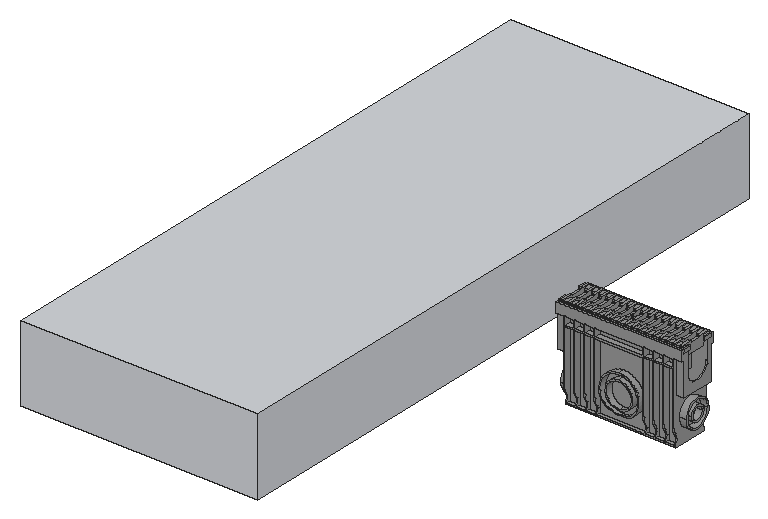
Revit family "PLASTIC SAND TRAP BASE DN100 with a high board", category Оборудование, Revit 2019
Family settings
  Основа = Грань
  Размер круглого соединителя = Использовать диаметр
  Тип детали = Нормальный
  При загрузке вырезать с полостями = Нет
  Общий = Да
  Точка расчета площади = Нет
Parameters (values of type "8081")
  fastening [instance] = or(Drainage Grating = A03, Drainage Grating = A04, Drainage Grating = A05)  # no
  Drainage Grating [instance] = plastic mesh : 208011
  Choise fastening [instance] = Choice of fastening : 6100-35
  no = No : ні
  lattice [instance] = if(Drainage Grating = A01, G01, if(Drainage Grating = A02, G02, if(Drainage Grating = A03, G03, if(Drainage Grating = A04, G04, if(Drainage Grating = A05, G05, no)))))  # Plastic grate Base DN100 mesh : 208011
  G05 = Plastic grate Base DN100 mesh ADA : 208032
  G04 = Plastic grate Base DN100 mesh ADA : 208022
  G03 = Plastic grate Base DN100 mesh ADA : 208012
  G02 = Plastic grate Base DN100 mesh : 208021
  G01 = Plastic grate Base DN100 mesh : 208011
  Fr3 = Fastening : 6800-35
  Fr2 = Fastening : 6200-35
  Fr1 = Fastening : 6100-35
  Fr [instance] = if(Choise fastening = Fa1, Fr1, if(Choise fastening = Fa2, Fr2, Fr3))  # Fastening : 6100-35
  Fa2 = Choice of fastening : 6200-35
  Fa1 = Choice of fastening : 6100-35
  Dp50 = Dp : 50
  ConnectorFront = TC : Front
  ConnectorRight = TC : Right
  ConnectorLeft = TC : Left
  ConnectorBack = TC : Back
  Connection [instance] = TC : Back
  Channel = Plastic sand trap Base DN100 high board : 8081
  Connector angle [instance] = if(Connection = ConnectorLeft, 90.00°, if(Connection = ConnectorRight, 270.00°, if(Connection = ConnectorFront, 180.00°, if(Connection = ConnectorBack, 0.00°, 0.00°))))  # 0.00°
  Tray sinking [instance] = 20 mm  # constant formula
  Cap right [instance] = no
  Cap left [instance] = no
  Pipe diameter [instance] = Dp : 110
  Группа модели = "Linear drainage"  # constant formula
  L_line [instance] = if(or(Connection = ConnectorRight, Connection = ConnectorLeft), 78 mm, 250 mm)  # 250 mm
  H_Connector [instance] = if(or(Connection = ConnectorRight, Connection = ConnectorLeft), 250 mm, if(Connection = ConnectorFront, 249.5 mm, if(Connection = ConnectorBack, 282 mm, 0 mm)))  # 282 mm
  Dp160 = Dp : 160
  Dp110 = Dp : 110
  Dp [instance] = if(and(Pipe diameter = Dp160, or(Connection = ConnectorLeft, Connection = ConnectorRight)), 160 mm, if(and(or(Pipe diameter = Dp110, Pipe diameter = Dp50), or(Connection = ConnectorLeft, Connection = ConnectorRight)), 110 mm, if(and(Pipe diameter = Dp50, or(Connection = ConnectorBack, Connection = ConnectorFront)), 50 mm, 110 mm)))  # 110 mm
  CutUp [instance] = ADSK_Dimension_Height + Tray sinking  # 385 mm
  CutDown [instance] = -CutUp  # -385 mm
  Default Elevation = 0 mm
  W2 = 156 mm  # constant formula
  W1 = 160 mm  # constant formula
  Basket [instance] = yes
  ADSK_Weight = 2.6
  ADSK_Unit = "pcs"  # constant formula
  ADSK_Sealant = 11
  ADSK_Product code = "8081"
  ADSK_Position [instance] = ""
  ADSK_Name = "Plastic sand trap Base DN100 H350 with a high board"
  ADSK_Material_Name = "Plastic"  # constant formula
  ADSK_Manufacturer = "Vodaland"  # constant formula
  ADSK_Load class = "C250"
  ADSK_Dimension_Width = 156 mm  # constant formula
  ADSK_Dimension_Lenght = 500 mm
  ADSK_Dimension_Height = 365 mm
  ADSK_Dimension_Diameter = 100 mm  # constant formula
  ADSK_Annotation [instance] = ""
  A05 = plastic mesh ADA : 208032
  A04 = plastic mesh ADA : 208022
  A03 = plastic mesh ADA : 208012
  A02 = plastic mesh : 208021
  A01 = plastic mesh : 208011
Reference planes
  plane 1 "По центру (Вперед/Назад)": y = 0
  plane 2: z = 0
  plane 3 "По центру (Влево/Вправо)": x = 0
  plane 4: x = 500
  plane 5: y = 78
  plane 6: y = -78
  plane 7: x = 250
  plane 8: z = -20
  plane 9 "Down": z = -385
  plane 10 "middle": z = -302
Forms (mm)
  Extrusion 1, solid
    sketch origin (0, 0, 0) x (1, 0, 0) y (0, 1, 0)
      loop
        line (-1219.2, 1219.2) -> (-1219.2, -1219.2) -> (-273.066, -1219.2) -> (-273.066, 1219.2) -> (-1219.2, 1219.2)
    from 0 to -304.8
  Extrusion 2, void
    sketch origin (0, 0, 0) x (1, 0, 0) y (0, 1, 0)
      loop
        line (0, 78) -> (0, -78) -> (500, -78) -> (500, 78) -> (0, 78)
    from 0 to -385 <- "CutDown"
Lines and regions (mm)
  reference lines
    curve 1: line (0, 0, -302) -> (250, 0, -302)
Dimensions and locks
  equal spacing: plane 5, plane 1 "По центру (Вперед/Назад)", plane 6
  "ADSK_Dimension_Width": plane 5 to plane 6
  "ADSK_Dimension_Lenght": plane 3 "По центру (Влево/Вправо)" to plane 4
  equal spacing: plane 3 "По центру (Влево/Вправо)", plane 7, plane 4
  plane 7 to plane 4 = 250 mm
  plane 3 "По центру (Влево/Вправо)" to plane 7 = 250 mm
  "Tray sinking": plane 2 to plane 8
  "CutUp": plane 2 to plane 9 "Down"
  "L_line": curve 1 to curve 1
  "H_Connector": plane 8 to plane 10 "middle"
  "Connector angle": angle plane 1 "По центру (Вперед/Назад)" to curve 1
  aligned and locked: plane 2 to Extrusion 1
  aligned and locked: level to Extrusion 1
  aligned and locked: Extrusion 2 sketch curve to plane 5
  aligned and locked: plane 6 to Extrusion 2 sketch curve
  aligned and locked: plane 7 to curve 1
  aligned and locked: nested 1 to curve 1
  aligned and locked: plane 7 to nested 6
  aligned and locked: plane 1 "По центру (Вперед/Назад)" to nested 6
Automatic sketch dimensions
  Extrusion 1 sketch curve to Extrusion 1 sketch curve = 946.134 mm
  Extrusion 1 sketch curve to Extrusion 1 sketch curve = 2438.4 mm
  Extrusion 2 sketch curve to plane 3 "По центру (Влево/Вправо)" = 0 mm
  Extrusion 2 sketch curve to plane 4 = 0 mm
  plane 1 "По центру (Вперед/Назад)" to curve 1 = 0 mm
Nested families
  nested 1: "Plastic grate Base DN100 mesh" at (250, 0, 0), type <- "lattice", type "208011"
  nested 2: "Plastic sand trap Base DN100 high board" at (250, 0, -5), type <- "Channel", type "8081"
  nested 3: "Sealant" at (-40, 540, 0), Sealant <- "ADSK_Sealant", type "Sealant"
    with Sealant 11, ADSK_Sealant 0
  nested 4: "Plastic end cap-adapter floating DN100" at (505, 0, 21) x (-1, 0, 0) z (0, 0, 1), visible <- "Cap right", type "68018"
  nested 5: "Plastic end cap-adapter floating DN100" at (-5, 0, 21), visible <- "Cap left", type "68018"
  nested 6: "Fastening" at (250, 0, 0), type <- "Fr", visible <- "fastening", type "6100-35"
  nested 7: "Basket DN100" at (250, 0, 0), visible <- "Basket", type "68091"
    with ADSK_Position "", ADSK_Annotation ""
Connectors
  piping at (0, 0, -302), diameter 110, driven by "Dp"
    settings: on curve 1, index 1, connector inside diameter 609.6 mm, connector length 0 mm, flow factor 0, pipe flow 0.0 L/s, pressure drop 0.0 Pa, fitting loss kfactor 0, connector angle 0.00°, fixture units 0, engagement length 0 mm, angle of deflection 0.00°, flow configuration 0, flow direction 2, fitting loss method 0, system type 7, joint type 0, gender type 0, connector reference index -1, connector utility 0, adjustable connector no, is connector primary yes, connector description ""
Definition of nested family "Plastic grate Base DN100 mesh"
  Parameters (values of type "208011")
    Видимість решітки праворуч [instance] = yes
    Видимість решітки ліворуч [instance] = yes
    np [instance] = 0 mm
    nm [instance] = 0 mm
    kp [instance] = 0 mm
    km [instance] = 0 mm
    W2 = 73.083 mm
    W1 [instance] = 140 mm
    Model = "Linear drainage"  # constant formula
    Material = none
    L2 = 1000 mm  # constant formula
    L1 = 500 mm  # constant formula
    ADSK_Weight = 0.77
    ADSK_Unit = "pcs"  # constant formula
    ADSK_Product code = "208011"
    ADSK_Position [instance] = ""
    ADSK_Name = "Plastic grate Base DN100 mesh A15 high board"
    ADSK_Material_Name = "Plastic"  # constant formula
    ADSK_Manufacturer = "Vodaland"  # constant formula
    ADSK_Load class = "A15"
    ADSK_Dimension_Width = 133 mm  # constant formula
    ADSK_Dimension_Lenght = 498 mm  # constant formula
    ADSK_Annotation [instance] = ""
  Types (2, lengths in mm): name | ADSK_Weight | ADSK_Product code | ADSK_Name | ADSK_Load class
    208011 | 0.77 | "208011" | "Plastic grate Base DN100 mesh A15 high board" | "A15"
    208021 | 0.78 | "208021" | "Plastic grate Base DN100 mesh B125 high board" | "B125"
  Reference planes
    plane 1 "По центру (Вперед/Назад)": y = 0
    plane 2: z = 0
    plane 3 "По центру (Влево/Вправо)": x = 0
    plane 4: y = -66.5
    plane 5: y = 66.5
    plane 6: y = -36.541
    plane 7: y = 36.541
    plane 8: z = -5
    plane 9: z = -38.9
    plane 10: x = -250
    plane 11: x = 250
    plane 12: x = -500
    plane 13: x = 500
    plane 14: x = -250
    plane 15: x = -250
    plane 16: x = 250
    plane 17: x = 250
    plane 18: y = -70
    plane 19: y = 70
  Forms (mm)
    Extrusion 1, solid, material <- "Material", visible <- "Видимість решітки ліворуч", detail levels medium+fine
      sketch origin (0, 0, 0) x (1, 0, 0) y (0, 1, 0)
        loop
          line (-250, 66.5) -> (-250, 36.541) -> (250, 36.541) -> (250, 66.5) -> (-250, 66.5)
      from -5 to 0
    Extrusion 2, solid, material <- "Material", visible <- "Видимість решітки ліворуч", detail levels medium+fine
      sketch origin (0, 0, 0) x (1, 0, 0) y (0, 1, 0)
        loop
          line (-250, -66.5) -> (250, -66.5) -> (250, -36.541) -> (-250, -36.541) -> (-250, -66.5)
      from -5 to 0
    Extrusion 3, solid, material <- "Material", visible <- "Видимість решітки ліворуч", detail levels medium+fine
      sketch origin (-454.062, 0, 0) x (0, 1, 0) y (0, 0, 1)
        loop
          line (-43.386, -19.5) -> (-36.174, -38.9) -> (36.174, -38.9) -> (43.386, -19.5) -> (43.386, 0) -> (66.5, 0) -> (66.5, 2) -> (23.386, 2) -> (23.386, -2.111) -> (-23.386, -2.111) -> (-23.386, 2) -> (-66.5, 2) -> (-66.5, 0) -> (-43.386, 0) -> (-43.386, -19.5)
      from 212.839 to 222.856
    Extrusion 4, solid, material <- "Material", visible <- "Видимість решітки ліворуч", detail levels medium+fine
      sketch origin (-426.273, 0, 0) x (0, 1, 0) y (0, 0, 1)
        loop
          line (-43.386, -19.5) -> (-36.174, -38.9) -> (36.174, -38.9) -> (43.386, -19.5) -> (43.386, 0) -> (66.5, 0) -> (66.5, 2) -> (23.386, 2) -> (23.386, -2.111) -> (-23.386, -2.111) -> (-23.386, 2) -> (-66.5, 2) -> (-66.5, 0) -> (-43.386, 0) -> (-43.386, -19.5)
      from 212.839 to 222.856
    Extrusion 5, solid, material <- "Material", visible <- "Видимість решітки ліворуч", detail levels medium+fine
      sketch origin (-398.483, 0, 0) x (0, 1, 0) y (0, 0, 1)
        loop
          line (-43.386, -19.5) -> (-36.174, -38.9) -> (36.174, -38.9) -> (43.386, -19.5) -> (43.386, 0) -> (66.5, 0) -> (66.5, 2) -> (23.386, 2) -> (23.386, -2.111) -> (-23.386, -2.111) -> (-23.386, 2) -> (-66.5, 2) -> (-66.5, 0) -> (-43.386, 0) -> (-43.386, -19.5)
      from 212.839 to 222.856
    Extrusion 6, solid, material <- "Material", visible <- "Видимість решітки ліворуч", detail levels medium+fine
      sketch origin (-370.693, 0, 0) x (0, 1, 0) y (0, 0, 1)
        loop
          line (-43.386, -19.5) -> (-36.174, -38.9) -> (36.174, -38.9) -> (43.386, -19.5) -> (43.386, 0) -> (66.5, 0) -> (66.5, 2) -> (23.386, 2) -> (23.386, -2.111) -> (-23.386, -2.111) -> (-23.386, 2) -> (-66.5, 2) -> (-66.5, 0) -> (-43.386, 0) -> (-43.386, -19.5)
      from 212.839 to 222.856
    Extrusion 7, solid, material <- "Material", visible <- "Видимість решітки ліворуч", detail levels medium+fine
      sketch origin (-342.903, 0, 0) x (0, 1, 0) y (0, 0, 1)
        loop
          line (-43.386, -19.5) -> (-36.174, -38.9) -> (36.174, -38.9) -> (43.386, -19.5) -> (43.386, 0) -> (66.5, 0) -> (66.5, 2) -> (23.386, 2) -> (23.386, -2.111) -> (-23.386, -2.111) -> (-23.386, 2) -> (-66.5, 2) -> (-66.5, 0) -> (-43.386, 0) -> (-43.386, -19.5)
      from 212.839 to 222.856
    Extrusion 8, solid, material <- "Material", visible <- "Видимість решітки ліворуч", detail levels medium+fine
      sketch origin (-315.113, 0, 0) x (0, 1, 0) y (0, 0, 1)
        loop
          line (-43.386, -19.5) -> (-36.174, -38.9) -> (36.174, -38.9) -> (43.386, -19.5) -> (43.386, 0) -> (66.5, 0) -> (66.5, 2) -> (23.386, 2) -> (23.386, -2.111) -> (-23.386, -2.111) -> (-23.386, 2) -> (-66.5, 2) -> (-66.5, 0) -> (-43.386, 0) -> (-43.386, -19.5)
      from 212.839 to 222.856
    Extrusion 9, solid, material <- "Material", visible <- "Видимість решітки ліворуч", detail levels medium+fine
      sketch origin (-287.323, 0, 0) x (0, 1, 0) y (0, 0, 1)
        loop
          line (-43.386, -19.5) -> (-36.174, -38.9) -> (36.174, -38.9) -> (43.386, -19.5) -> (43.386, 0) -> (66.5, 0) -> (66.5, 2) -> (23.386, 2) -> (23.386, -2.111) -> (-23.386, -2.111) -> (-23.386, 2) -> (-66.5, 2) -> (-66.5, 0) -> (-43.386, 0) -> (-43.386, -19.5)
      from 212.839 to 222.856
    Extrusion 10, solid, material <- "Material", visible <- "Видимість решітки ліворуч", detail levels medium+fine
      sketch origin (-259.533, 0, 0) x (0, 1, 0) y (0, 0, 1)
        loop
          line (-43.386, -19.5) -> (-36.174, -38.9) -> (36.174, -38.9) -> (43.386, -19.5) -> (43.386, 0) -> (66.5, 0) -> (66.5, 2) -> (23.386, 2) -> (23.386, -2.111) -> (-23.386, -2.111) -> (-23.386, 2) -> (-66.5, 2) -> (-66.5, 0) -> (-43.386, 0) -> (-43.386, -19.5)
      from 212.839 to 222.856
    Extrusion 11, solid, material <- "Material", visible <- "Видимість решітки ліворуч", detail levels medium+fine
      sketch origin (-231.743, 0, 0) x (0, 1, 0) y (0, 0, 1)
        loop
          line (-43.386, -19.5) -> (-36.174, -38.9) -> (36.174, -38.9) -> (43.386, -19.5) -> (43.386, 0) -> (66.5, 0) -> (66.5, 2) -> (23.386, 2) -> (23.386, -2.111) -> (-23.386, -2.111) -> (-23.386, 2) -> (-66.5, 2) -> (-66.5, 0) -> (-43.386, 0) -> (-43.386, -19.5)
      from 212.839 to 222.856
    Extrusion 12, solid, material <- "Material", visible <- "Видимість решітки ліворуч", detail levels medium+fine
      sketch origin (-203.953, 0, 0) x (0, 1, 0) y (0, 0, 1)
        loop
          line (-43.386, -19.5) -> (-36.174, -38.9) -> (36.174, -38.9) -> (43.386, -19.5) -> (43.386, 0) -> (66.5, 0) -> (66.5, 2) -> (23.386, 2) -> (23.386, -2.111) -> (-23.386, -2.111) -> (-23.386, 2) -> (-66.5, 2) -> (-66.5, 0) -> (-43.386, 0) -> (-43.386, -19.5)
      from 212.839 to 222.856
    Extrusion 13, solid, material <- "Material", visible <- "Видимість решітки ліворуч", detail levels medium+fine
      sketch origin (-176.163, 0, 0) x (0, 1, 0) y (0, 0, 1)
        loop
          line (-43.386, -19.5) -> (-36.174, -38.9) -> (36.174, -38.9) -> (43.386, -19.5) -> (43.386, 0) -> (66.5, 0) -> (66.5, 2) -> (23.386, 2) -> (23.386, -2.111) -> (-23.386, -2.111) -> (-23.386, 2) -> (-66.5, 2) -> (-66.5, 0) -> (-43.386, 0) -> (-43.386, -19.5)
      from 212.839 to 222.856
    Extrusion 14, solid, material <- "Material", visible <- "Видимість решітки ліворуч", detail levels medium+fine
      sketch origin (-148.373, 0, 0) x (0, 1, 0) y (0, 0, 1)
        loop
          line (-43.386, -19.5) -> (-36.174, -38.9) -> (36.174, -38.9) -> (43.386, -19.5) -> (43.386, 0) -> (66.5, 0) -> (66.5, 2) -> (23.386, 2) -> (23.386, -2.111) -> (-23.386, -2.111) -> (-23.386, 2) -> (-66.5, 2) -> (-66.5, 0) -> (-43.386, 0) -> (-43.386, -19.5)
      from 212.839 to 222.856
    Extrusion 15, solid, material <- "Material", visible <- "Видимість решітки ліворуч", detail levels medium+fine
      sketch origin (-120.583, 0, 0) x (0, 1, 0) y (0, 0, 1)
        loop
          line (-43.386, -19.5) -> (-36.174, -38.9) -> (36.174, -38.9) -> (43.386, -19.5) -> (43.386, 0) -> (66.5, 0) -> (66.5, 2) -> (23.386, 2) -> (23.386, -2.111) -> (-23.386, -2.111) -> (-23.386, 2) -> (-66.5, 2) -> (-66.5, 0) -> (-43.386, 0) -> (-43.386, -19.5)
      from 212.839 to 222.856
    Extrusion 16, solid, material <- "Material", visible <- "Видимість решітки ліворуч", detail levels medium+fine
      sketch origin (-92.793, 0, 0) x (0, 1, 0) y (0, 0, 1)
        loop
          line (-43.386, -19.5) -> (-36.174, -38.9) -> (36.174, -38.9) -> (43.386, -19.5) -> (43.386, 0) -> (66.5, 0) -> (66.5, 2) -> (23.386, 2) -> (23.386, -2.111) -> (-23.386, -2.111) -> (-23.386, 2) -> (-66.5, 2) -> (-66.5, 0) -> (-43.386, 0) -> (-43.386, -19.5)
      from 212.839 to 222.856
    Extrusion 17, solid, material <- "Material", visible <- "Видимість решітки ліворуч", detail levels medium+fine
      sketch origin (-65.003, 0, 0) x (0, 1, 0) y (0, 0, 1)
        loop
          line (-43.386, -19.5) -> (-36.174, -38.9) -> (36.174, -38.9) -> (43.386, -19.5) -> (43.386, 0) -> (66.5, 0) -> (66.5, 2) -> (23.386, 2) -> (23.386, -2.111) -> (-23.386, -2.111) -> (-23.386, 2) -> (-66.5, 2) -> (-66.5, 0) -> (-43.386, 0) -> (-43.386, -19.5)
      from 212.839 to 222.856
    Extrusion 18, solid, material <- "Material", visible <- "Видимість решітки ліворуч", detail levels medium+fine
      sketch origin (-37.213, 0, 0) x (0, 1, 0) y (0, 0, 1)
        loop
          line (-43.386, -19.5) -> (-36.174, -38.9) -> (36.174, -38.9) -> (43.386, -19.5) -> (43.386, 0) -> (66.5, 0) -> (66.5, 2) -> (23.386, 2) -> (23.386, -2.111) -> (-23.386, -2.111) -> (-23.386, 2) -> (-66.5, 2) -> (-66.5, 0) -> (-43.386, 0) -> (-43.386, -19.5)
      from 212.839 to 222.856
    Extrusion 19, solid, material <- "Material", visible <- "Видимість решітки ліворуч", detail levels medium+fine
      sketch origin (-9.423, 0, 0) x (0, 1, 0) y (0, 0, 1)
        loop
          line (-43.386, -19.5) -> (-36.174, -38.9) -> (36.174, -38.9) -> (43.386, -19.5) -> (43.386, 0) -> (66.5, 0) -> (66.5, 2) -> (23.386, 2) -> (23.386, -2.111) -> (-23.386, -2.111) -> (-23.386, 2) -> (-66.5, 2) -> (-66.5, 0) -> (-43.386, 0) -> (-43.386, -19.5)
      from 212.839 to 222.856
    Extrusion 20, solid, material <- "Material", visible <- "Видимість решітки ліворуч", detail levels medium+fine
      sketch origin (18.367, 0, 0) x (0, 1, 0) y (0, 0, 1)
        loop
          line (-43.386, -19.5) -> (-36.174, -38.9) -> (36.174, -38.9) -> (43.386, -19.5) -> (43.386, 0) -> (66.5, 0) -> (66.5, 2) -> (23.386, 2) -> (23.386, -2.111) -> (-23.386, -2.111) -> (-23.386, 2) -> (-66.5, 2) -> (-66.5, 0) -> (-43.386, 0) -> (-43.386, -19.5)
      from 212.839 to 222.856
    Extrusion 21, solid, material <- "Material", visible <- "Видимість решітки ліворуч", detail levels medium+fine
      sketch origin (0, 0, 0) x (1, 0, 0) y (0, 1, 0)
        loop
          arc (-8.886, -18.446) -> (0, -20.475) -> (8.886, -18.446) r 20.475
          line (8.886, -18.446) -> (8.886, -7.221)
          arc (8.886, -7.221) -> (11.45, 0) -> (8.886, 7.221) r 11.45
          line (8.886, 7.221) -> (8.886, 18.446)
          arc (8.886, 18.446) -> (0, 20.475) -> (-8.886, 18.446) r 20.475
          line (-8.886, 18.446) -> (-8.886, 7.221)
          arc (-8.886, 7.221) -> (-11.45, 0) -> (-8.886, -7.221) r 11.45
          line (-8.886, -7.221) -> (-8.886, -18.446)
        loop
          circle (0, 0) r 7.51
      from -17.346 to -11.241
    Extrusion 22, void, detail levels medium+fine
      sketch origin (0, 0, 0) x (1, 0, 0) y (0, 1, 0)
        loop
          circle (0, 0) r 11.45
      from -11.241 to 2
    Extrusion 23, void, detail levels medium+fine
      sketch origin (0, 0, 0) x (1, 0, 0) y (0, 1, 0)
        loop
          line (-500, 70) -> (-500, -70) -> (-250, -70) -> (-250, 70) -> (-500, 70)
      from -62.865 to 37.508
    Extrusion 24, void, detail levels medium+fine
      sketch origin (0, 0, 0) x (1, 0, 0) y (0, 1, 0)
        loop
          line (500, 70) -> (250, 70) -> (250, -70) -> (500, -70) -> (500, 70)
      from -64.853 to 34.506
    Extrusion 25, solid, material <- "Material", detail levels medium+fine
      sketch origin (0, 0, 0) x (1, 0, 0) y (0, 1, 0)
        loop
          line (-250, 66.5) -> (-250, 36.541) -> (250, 36.541) -> (250, 66.5) -> (-250, 66.5)
        loop
          line (-250, -36.541) -> (-250, -66.5) -> (250, -66.5) -> (250, -36.541) -> (-250, -36.541)
      from -20 to -5
  Cuts and joins
    Extrusion 22, Extrusion 23, Extrusion 24 cuts Extrusion 11
    Extrusion 22, Extrusion 23, Extrusion 24 cuts Extrusion 12
    Extrusion 23, Extrusion 24 cuts Extrusion 21
    joined: Extrusion 11, Extrusion 12, Extrusion 21
    Extrusion 23, Extrusion 24 cuts Extrusion 1
    Extrusion 23, Extrusion 24 cuts Extrusion 2
    Extrusion 23, Extrusion 24 cuts Extrusion 3
    Extrusion 23, Extrusion 24 cuts Extrusion 4
    Extrusion 23, Extrusion 24 cuts Extrusion 5
    Extrusion 23, Extrusion 24 cuts Extrusion 6
    Extrusion 23, Extrusion 24 cuts Extrusion 7
    Extrusion 23, Extrusion 24 cuts Extrusion 8
    Extrusion 23, Extrusion 24 cuts Extrusion 9
    Extrusion 23, Extrusion 24 cuts Extrusion 10
    Extrusion 23, Extrusion 24 cuts Extrusion 13
    Extrusion 23, Extrusion 24 cuts Extrusion 14
    Extrusion 23, Extrusion 24 cuts Extrusion 15
    Extrusion 23, Extrusion 24 cuts Extrusion 16
    Extrusion 23, Extrusion 24 cuts Extrusion 17
    Extrusion 23, Extrusion 24 cuts Extrusion 18
    Extrusion 23, Extrusion 24 cuts Extrusion 19
    Extrusion 23, Extrusion 24 cuts Extrusion 20
    Extrusion 23, Extrusion 24 cuts Extrusion 25
  Lines and regions (mm)
    reference lines
      curve 1: line (250, -70, 0) -> (250, 70, 0)
      curve 2: line (-250, -70, 0) -> (-250, 70, 0)
  Dimensions and locks
    equal spacing: plane 5, plane 1 "По центру (Вперед/Назад)", plane 4
    "ADSK_Dimension_Width": plane 5 to plane 4
    equal spacing: plane 7, plane 1 "По центру (Вперед/Назад)", plane 6
    "W2": plane 7 to plane 6
    level to plane 9 = 38.9 mm
    locked: level to plane 8 at 5
    "np": plane 10 to plane 14
    "nm": plane 10 to plane 15
    "km": plane 16 to plane 11
    "kp": plane 17 to plane 11
    equal spacing: plane 18, plane 1 "По центру (Вперед/Назад)", plane 19
    "W1": plane 18 to plane 19
    "L1": plane 10 to plane 11
    equal spacing: plane 10, plane 3 "По центру (Влево/Вправо)", plane 11
    aligned and locked: level to plane 2
    aligned and locked: plane 5 to Extrusion 1
    aligned and locked: Extrusion 1 to plane 7
    aligned and locked: Extrusion 1 to plane 8
    aligned and locked: level to Extrusion 1
    aligned and locked: Extrusion 2 to plane 4
    aligned and locked: level to Extrusion 2
    aligned and locked: Extrusion 2 to plane 8
    aligned and locked: Extrusion 3 sketch curve to Extrusion 3 sketch curve
    aligned and locked: Extrusion 4 sketch curve to Extrusion 4 sketch curve
    aligned and locked: Extrusion 5 sketch curve to Extrusion 5 sketch curve
    aligned and locked: Extrusion 6 sketch curve to Extrusion 6 sketch curve
    aligned and locked: Extrusion 7 sketch curve to Extrusion 7 sketch curve
    aligned and locked: Extrusion 8 sketch curve to Extrusion 8 sketch curve
    aligned and locked: Extrusion 9 sketch curve to Extrusion 9 sketch curve
    aligned and locked: Extrusion 10 sketch curve to Extrusion 10 sketch curve
    aligned and locked: Extrusion 11 sketch curve to Extrusion 11 sketch curve
    aligned and locked: Extrusion 12 sketch curve to Extrusion 12 sketch curve
    aligned and locked: Extrusion 13 sketch curve to Extrusion 13 sketch curve
    aligned and locked: Extrusion 14 sketch curve to Extrusion 14 sketch curve
    aligned and locked: Extrusion 15 sketch curve to Extrusion 15 sketch curve
    aligned and locked: Extrusion 16 sketch curve to Extrusion 16 sketch curve
    aligned and locked: Extrusion 17 sketch curve to Extrusion 17 sketch curve
    aligned and locked: Extrusion 18 sketch curve to Extrusion 18 sketch curve
    aligned and locked: Extrusion 19 sketch curve to Extrusion 19 sketch curve
    aligned and locked: Extrusion 20 sketch curve to Extrusion 20 sketch curve
    aligned and locked: Extrusion 22 to Extrusion 21
    aligned and locked: Extrusion 22 to Extrusion 9
    aligned and locked: Extrusion 2 to plane 10
    aligned and locked: Extrusion 1 to plane 10
    aligned and locked: plane 18 to curve 1
    aligned and locked: plane 17 to curve 1
    aligned and locked: plane 19 to curve 1
    aligned and locked: plane 16 to curve 1
    aligned and locked: plane 18 to curve 2
    aligned and locked: plane 19 to curve 2
    aligned and locked: plane 15 to curve 2
    aligned and locked: plane 14 to curve 2
    aligned and locked: Extrusion 23 sketch curve to plane 12
    aligned and locked: Extrusion 23 sketch curve to plane 18
    aligned and locked: Extrusion 24 sketch curve to plane 19
    aligned and locked: Extrusion 24 sketch curve to plane 18
    aligned and locked: plane 13 to Extrusion 24 sketch curve
    aligned and locked: Extrusion 24 sketch curve to curve 1
    aligned and locked: Extrusion 23 sketch curve to curve 2
  Automatic sketch dimensions
    Extrusion 1 sketch curve to plane 7 = 0 mm
    Extrusion 1 sketch curve to plane 10 = 0 mm
    Extrusion 1 sketch curve to plane 5 = 0 mm
    Extrusion 2 sketch curve to plane 6 = 0 mm
    Extrusion 2 sketch curve to plane 10 = 0 mm
    Extrusion 2 sketch curve to plane 4 = 0 mm
    Extrusion 3 sketch curve to level = 0 mm  (x2)
    Extrusion 3 sketch curve to plane 9 = 0 mm
    Extrusion 3 sketch curve to plane 4 = 0 mm
    Extrusion 3 sketch curve to plane 6 = 6.845 mm
    plane 6 to Extrusion 3 sketch curve = 0.367 mm
    Extrusion 3 sketch curve to level = 2.111 mm
    plane 6 to Extrusion 3 sketch curve = 13.155 mm
    Extrusion 3 sketch curve to plane 7 = 13.155 mm
    Extrusion 3 sketch curve to plane 7 = 0.367 mm
    plane 7 to Extrusion 3 sketch curve = 6.845 mm
    level to Extrusion 3 sketch curve = 2 mm
    plane 5 to Extrusion 3 sketch curve = 0 mm
    Extrusion 3 sketch curve to plane 8 = 14.5 mm  (x2)
    Extrusion 4 sketch curve to level = 0 mm  (x2)
    Extrusion 4 sketch curve to plane 9 = 0 mm
    Extrusion 4 sketch curve to plane 4 = 0 mm
    Extrusion 4 sketch curve to plane 6 = 6.845 mm
    plane 6 to Extrusion 4 sketch curve = 0.367 mm
    Extrusion 4 sketch curve to level = 2.111 mm
    plane 6 to Extrusion 4 sketch curve = 13.155 mm
    Extrusion 4 sketch curve to plane 7 = 13.155 mm
    Extrusion 4 sketch curve to plane 7 = 0.367 mm
    plane 7 to Extrusion 4 sketch curve = 6.845 mm
    level to Extrusion 4 sketch curve = 2 mm
    plane 5 to Extrusion 4 sketch curve = 0 mm
    Extrusion 4 sketch curve to plane 8 = 14.5 mm  (x2)
    Extrusion 5 sketch curve to level = 0 mm  (x2)
    Extrusion 5 sketch curve to plane 9 = 0 mm
    Extrusion 5 sketch curve to plane 4 = 0 mm
    Extrusion 5 sketch curve to plane 6 = 6.845 mm
    plane 6 to Extrusion 5 sketch curve = 0.367 mm
    Extrusion 5 sketch curve to level = 2.111 mm
    plane 6 to Extrusion 5 sketch curve = 13.155 mm
    Extrusion 5 sketch curve to plane 7 = 13.155 mm
    Extrusion 5 sketch curve to plane 7 = 0.367 mm
    plane 7 to Extrusion 5 sketch curve = 6.845 mm
    level to Extrusion 5 sketch curve = 2 mm
    plane 5 to Extrusion 5 sketch curve = 0 mm
    Extrusion 5 sketch curve to plane 8 = 14.5 mm  (x2)
    Extrusion 6 sketch curve to level = 0 mm  (x2)
    Extrusion 6 sketch curve to plane 9 = 0 mm
    Extrusion 6 sketch curve to plane 4 = 0 mm
    Extrusion 6 sketch curve to plane 6 = 6.845 mm
    plane 6 to Extrusion 6 sketch curve = 0.367 mm
    Extrusion 6 sketch curve to level = 2.111 mm
    plane 6 to Extrusion 6 sketch curve = 13.155 mm
    Extrusion 6 sketch curve to plane 7 = 13.155 mm
    Extrusion 6 sketch curve to plane 7 = 0.367 mm
    plane 7 to Extrusion 6 sketch curve = 6.845 mm
    level to Extrusion 6 sketch curve = 2 mm
    plane 5 to Extrusion 6 sketch curve = 0 mm
    Extrusion 6 sketch curve to plane 8 = 14.5 mm  (x2)
    Extrusion 7 sketch curve to level = 0 mm  (x2)
    Extrusion 7 sketch curve to plane 9 = 0 mm
    Extrusion 7 sketch curve to plane 4 = 0 mm
    Extrusion 7 sketch curve to plane 6 = 6.845 mm
    plane 6 to Extrusion 7 sketch curve = 0.367 mm
    Extrusion 7 sketch curve to level = 2.111 mm
    plane 6 to Extrusion 7 sketch curve = 13.155 mm
    Extrusion 7 sketch curve to plane 7 = 13.155 mm
    Extrusion 7 sketch curve to plane 7 = 0.367 mm
    plane 7 to Extrusion 7 sketch curve = 6.845 mm
    level to Extrusion 7 sketch curve = 2 mm
    plane 5 to Extrusion 7 sketch curve = 0 mm
    Extrusion 7 sketch curve to plane 8 = 14.5 mm  (x2)
    Extrusion 8 sketch curve to level = 0 mm  (x2)
    Extrusion 8 sketch curve to plane 9 = 0 mm
    Extrusion 8 sketch curve to plane 4 = 0 mm
    Extrusion 8 sketch curve to plane 6 = 6.845 mm
    plane 6 to Extrusion 8 sketch curve = 0.367 mm
    Extrusion 8 sketch curve to level = 2.111 mm
    plane 6 to Extrusion 8 sketch curve = 13.155 mm
    Extrusion 8 sketch curve to plane 7 = 13.155 mm
    Extrusion 8 sketch curve to plane 7 = 0.367 mm
    plane 7 to Extrusion 8 sketch curve = 6.845 mm
    level to Extrusion 8 sketch curve = 2 mm
    plane 5 to Extrusion 8 sketch curve = 0 mm
    Extrusion 8 sketch curve to plane 8 = 14.5 mm  (x2)
    Extrusion 9 sketch curve to level = 0 mm  (x2)
    Extrusion 9 sketch curve to plane 9 = 0 mm
    Extrusion 9 sketch curve to plane 4 = 0 mm
    Extrusion 9 sketch curve to plane 6 = 6.845 mm
    plane 6 to Extrusion 9 sketch curve = 0.367 mm
    Extrusion 9 sketch curve to level = 2.111 mm
    plane 6 to Extrusion 9 sketch curve = 13.155 mm
    Extrusion 9 sketch curve to plane 7 = 13.155 mm
    Extrusion 9 sketch curve to plane 7 = 0.367 mm
    plane 7 to Extrusion 9 sketch curve = 6.845 mm
    level to Extrusion 9 sketch curve = 2 mm
    plane 5 to Extrusion 9 sketch curve = 0 mm
    Extrusion 9 sketch curve to plane 8 = 14.5 mm  (x2)
    Extrusion 10 sketch curve to level = 0 mm  (x2)
    Extrusion 10 sketch curve to plane 9 = 0 mm
    Extrusion 10 sketch curve to plane 4 = 0 mm
    Extrusion 10 sketch curve to plane 6 = 6.845 mm
    plane 6 to Extrusion 10 sketch curve = 0.367 mm
    Extrusion 10 sketch curve to level = 2.111 mm
    plane 6 to Extrusion 10 sketch curve = 13.155 mm
    Extrusion 10 sketch curve to plane 7 = 13.155 mm
    Extrusion 10 sketch curve to plane 7 = 0.367 mm
    plane 7 to Extrusion 10 sketch curve = 6.845 mm
    level to Extrusion 10 sketch curve = 2 mm
    plane 5 to Extrusion 10 sketch curve = 0 mm
    Extrusion 10 sketch curve to plane 8 = 14.5 mm  (x2)
    Extrusion 13 sketch curve to level = 0 mm  (x2)
    Extrusion 13 sketch curve to plane 9 = 0 mm
    Extrusion 13 sketch curve to plane 4 = 0 mm
    Extrusion 13 sketch curve to plane 6 = 6.845 mm
    plane 6 to Extrusion 13 sketch curve = 0.367 mm
    Extrusion 13 sketch curve to level = 2.111 mm
    plane 6 to Extrusion 13 sketch curve = 13.155 mm
    Extrusion 13 sketch curve to plane 7 = 13.155 mm
    Extrusion 13 sketch curve to plane 7 = 0.367 mm
    plane 7 to Extrusion 13 sketch curve = 6.845 mm
    level to Extrusion 13 sketch curve = 2 mm
    plane 5 to Extrusion 13 sketch curve = 0 mm
    Extrusion 13 sketch curve to plane 8 = 14.5 mm  (x2)
    Extrusion 14 sketch curve to level = 0 mm  (x2)
    Extrusion 14 sketch curve to plane 9 = 0 mm
    Extrusion 14 sketch curve to plane 4 = 0 mm
    Extrusion 14 sketch curve to plane 6 = 6.845 mm
    plane 6 to Extrusion 14 sketch curve = 0.367 mm
    Extrusion 14 sketch curve to level = 2.111 mm
    plane 6 to Extrusion 14 sketch curve = 13.155 mm
    Extrusion 14 sketch curve to plane 7 = 13.155 mm
    Extrusion 14 sketch curve to plane 7 = 0.367 mm
    plane 7 to Extrusion 14 sketch curve = 6.845 mm
    level to Extrusion 14 sketch curve = 2 mm
    plane 5 to Extrusion 14 sketch curve = 0 mm
    Extrusion 14 sketch curve to plane 8 = 14.5 mm  (x2)
    Extrusion 15 sketch curve to level = 0 mm  (x2)
    Extrusion 15 sketch curve to plane 9 = 0 mm
    Extrusion 15 sketch curve to plane 4 = 0 mm
    Extrusion 15 sketch curve to plane 6 = 6.845 mm
    plane 6 to Extrusion 15 sketch curve = 0.367 mm
    Extrusion 15 sketch curve to level = 2.111 mm
    plane 6 to Extrusion 15 sketch curve = 13.155 mm
    Extrusion 15 sketch curve to plane 7 = 13.155 mm
    Extrusion 15 sketch curve to plane 7 = 0.367 mm
    plane 7 to Extrusion 15 sketch curve = 6.845 mm
    level to Extrusion 15 sketch curve = 2 mm
    plane 5 to Extrusion 15 sketch curve = 0 mm
    Extrusion 15 sketch curve to plane 8 = 14.5 mm  (x2)
    Extrusion 16 sketch curve to level = 0 mm  (x2)
    Extrusion 16 sketch curve to plane 9 = 0 mm
    Extrusion 16 sketch curve to plane 4 = 0 mm
    Extrusion 16 sketch curve to plane 6 = 6.845 mm
    plane 6 to Extrusion 16 sketch curve = 0.367 mm
    Extrusion 16 sketch curve to level = 2.111 mm
    plane 6 to Extrusion 16 sketch curve = 13.155 mm
    Extrusion 16 sketch curve to plane 7 = 13.155 mm
    Extrusion 16 sketch curve to plane 7 = 0.367 mm
    plane 7 to Extrusion 16 sketch curve = 6.845 mm
    level to Extrusion 16 sketch curve = 2 mm
    plane 5 to Extrusion 16 sketch curve = 0 mm
    Extrusion 16 sketch curve to plane 8 = 14.5 mm  (x2)
    Extrusion 17 sketch curve to level = 0 mm  (x2)
    Extrusion 17 sketch curve to plane 9 = 0 mm
    Extrusion 17 sketch curve to plane 4 = 0 mm
    Extrusion 17 sketch curve to plane 6 = 6.845 mm
    plane 6 to Extrusion 17 sketch curve = 0.367 mm
    Extrusion 17 sketch curve to level = 2.111 mm
    plane 6 to Extrusion 17 sketch curve = 13.155 mm
    Extrusion 17 sketch curve to plane 7 = 13.155 mm
    Extrusion 17 sketch curve to plane 7 = 0.367 mm
    plane 7 to Extrusion 17 sketch curve = 6.845 mm
    level to Extrusion 17 sketch curve = 2 mm
    plane 5 to Extrusion 17 sketch curve = 0 mm
    Extrusion 17 sketch curve to plane 8 = 14.5 mm  (x2)
    Extrusion 18 sketch curve to level = 0 mm  (x2)
    Extrusion 18 sketch curve to plane 9 = 0 mm
    Extrusion 18 sketch curve to plane 4 = 0 mm
    Extrusion 18 sketch curve to plane 6 = 6.845 mm
    plane 6 to Extrusion 18 sketch curve = 0.367 mm
    Extrusion 18 sketch curve to level = 2.111 mm
    plane 6 to Extrusion 18 sketch curve = 13.155 mm
    Extrusion 18 sketch curve to plane 7 = 13.155 mm
    Extrusion 18 sketch curve to plane 7 = 0.367 mm
    plane 7 to Extrusion 18 sketch curve = 6.845 mm
    level to Extrusion 18 sketch curve = 2 mm
    plane 5 to Extrusion 18 sketch curve = 0 mm
    Extrusion 18 sketch curve to plane 8 = 14.5 mm  (x2)
    Extrusion 19 sketch curve to level = 0 mm  (x2)
    Extrusion 19 sketch curve to plane 9 = 0 mm
    Extrusion 19 sketch curve to plane 4 = 0 mm
    Extrusion 19 sketch curve to plane 6 = 6.845 mm
    plane 6 to Extrusion 19 sketch curve = 0.367 mm
    Extrusion 19 sketch curve to level = 2.111 mm
    plane 6 to Extrusion 19 sketch curve = 13.155 mm
    Extrusion 19 sketch curve to plane 7 = 13.155 mm
    Extrusion 19 sketch curve to plane 7 = 0.367 mm
    plane 7 to Extrusion 19 sketch curve = 6.845 mm
    level to Extrusion 19 sketch curve = 2 mm
    plane 5 to Extrusion 19 sketch curve = 0 mm
    Extrusion 19 sketch curve to plane 8 = 14.5 mm  (x2)
    Extrusion 20 sketch curve to level = 0 mm  (x2)
    Extrusion 20 sketch curve to plane 9 = 0 mm
    Extrusion 20 sketch curve to plane 4 = 0 mm
    Extrusion 20 sketch curve to plane 6 = 6.845 mm
    plane 6 to Extrusion 20 sketch curve = 0.367 mm
    Extrusion 20 sketch curve to level = 2.111 mm
    plane 6 to Extrusion 20 sketch curve = 13.155 mm
    Extrusion 20 sketch curve to plane 7 = 13.155 mm
    Extrusion 20 sketch curve to plane 7 = 0.367 mm
    plane 7 to Extrusion 20 sketch curve = 6.845 mm
    level to Extrusion 20 sketch curve = 2 mm
    plane 5 to Extrusion 20 sketch curve = 0 mm
    Extrusion 20 sketch curve to plane 8 = 14.5 mm  (x2)
    Extrusion 21 sketch curve to Extrusion 21 sketch curve = 0 mm  (x20)
    plane 1 "По центру (Вперед/Назад)" to Extrusion 21 sketch curve = 0 mm
    Extrusion 21 sketch curve to plane 3 "По центру (Влево/Вправо)" = 0 mm
    Extrusion 21 sketch curve to plane 3 "По центру (Влево/Вправо)" = 8.886 mm  (x2)
    plane 3 "По центру (Влево/Вправо)" to Extrusion 21 sketch curve = 8.886 mm  (x2)
    plane 1 "По центру (Вперед/Назад)" to Extrusion 21 sketch curve = 7.221 mm  (x2)
    Extrusion 21 sketch curve to Extrusion 21 sketch curve = 11.225 mm  (x2)
    plane 19 to Extrusion 23 sketch curve = 0 mm
    plane 3 "По центру (Влево/Вправо)" to Extrusion 1 sketch curve = 250 mm
    Extrusion 2 sketch curve to plane 3 "По центру (Влево/Вправо)" = 250 mm
    Extrusion 12 sketch curve to level = 0 mm  (x2)
    Extrusion 12 sketch curve to plane 4 = 0 mm
    Extrusion 12 sketch curve to plane 9 = 0 mm
    Extrusion 12 sketch curve to plane 5 = 0 mm
    Extrusion 12 sketch curve to plane 6 = 6.845 mm
    plane 6 to Extrusion 12 sketch curve = 0.367 mm
    Extrusion 12 sketch curve to level = 2.111 mm
    plane 6 to Extrusion 12 sketch curve = 13.155 mm
    Extrusion 12 sketch curve to plane 7 = 13.155 mm
    plane 7 to Extrusion 12 sketch curve = 6.845 mm
    Extrusion 12 sketch curve to plane 8 = 14.5 mm  (x2)
    Extrusion 12 sketch curve to Extrusion 12 sketch curve = 2 mm
    Extrusion 12 sketch curve to plane 7 = 0.367 mm
    Extrusion 11 sketch curve to level = 0 mm  (x2)
    Extrusion 11 sketch curve to plane 4 = 0 mm
    Extrusion 11 sketch curve to plane 9 = 0 mm
    Extrusion 11 sketch curve to plane 5 = 0 mm
    Extrusion 11 sketch curve to plane 6 = 6.845 mm
    plane 6 to Extrusion 11 sketch curve = 0.367 mm
    Extrusion 11 sketch curve to level = 2.111 mm
    plane 6 to Extrusion 11 sketch curve = 13.155 mm
    Extrusion 11 sketch curve to plane 7 = 13.155 mm
    plane 7 to Extrusion 11 sketch curve = 6.845 mm
    Extrusion 11 sketch curve to plane 8 = 14.5 mm  (x2)
    Extrusion 11 sketch curve to Extrusion 11 sketch curve = 2 mm
    Extrusion 11 sketch curve to plane 7 = 0.367 mm
    Extrusion 25 sketch curve to plane 5 = 0 mm
    Extrusion 25 sketch curve to plane 10 = 0 mm  (x2)
    Extrusion 25 sketch curve to plane 4 = 0 mm
    Extrusion 25 sketch curve to plane 6 = 0 mm
    Extrusion 25 sketch curve to plane 11 = 0 mm  (x2)
    Extrusion 25 sketch curve to plane 7 = 0 mm
    radius of Extrusion 21 sketch curve = 7.51 mm
Definition of nested family "Plastic sand trap Base DN100 high board"
  Parameters (values of type "8081")
    US = no
    S = 156 mm  # constant formula
    Rl = 72 mm
    R2 = R1 + 5 mm  # 54 mm
    R1 = 49 mm
    Material2 = none
    Material = none
    L = 500 mm  # constant formula
    Hпос = 15 mm
    H2 = 138 mm
    H1 = 123 mm
    H = 344 mm
    DN = 100 mm  # constant formula
  Reference planes
    plane 1 "По центру (Вперед/Назад)": y = 0
    plane 2 "Up": z = 0
    plane 3 "По центру (Влево/Вправо)": x = 0
    plane 4 "L": x = -250
    plane 5 "R": x = 250
    plane 6 "Down": z = -359
    plane 7 "D": y = -78
    plane 8 "U": y = 78
    plane 9: z = -15
    plane 10: y = -50
    plane 11: y = 50
    plane 12: z = -138
    plane 13: y = 68
    plane 14: y = -68
    plane 15: z = -35
    plane 16: z = -173
  Forms (mm)
    Blend 1, void
      base sketch origin (-250, 0, 0) x (0, 1, 0) y (0, 0, 1)
        loop
          line (50, -15) -> (-50, -15) -> (-50, -89)
          arc (-50, -89) -> (-35.648, -123.648) -> (-1, -138) r 49
          line (-1, -138) -> (1, -138)
          arc (1, -138) -> (35.648, -123.648) -> (50, -89) r 49
          line (50, -89) -> (50, -15)
      top sketch origin (-250, 0, 0) x (0, 1, 0) y (0, 0, 1)
        loop
          line (50, -15) -> (-50, -15) -> (-50, -89)
          arc (-50, -89) -> (-35.648, -123.648) -> (-1, -138) r 49
          line (-1, -138) -> (1, -138)
          arc (1, -138) -> (35.648, -123.648) -> (50, -89) r 49
          line (50, -89) -> (50, -15)
      from 0 to 1000
    Extrusion 2, solid, material <- "Material2", visible <- "US", detail levels medium+fine
      sketch origin (-250, 1.25, 0) x (0, 1, 0) y (0, 0, 1)
        loop
          line (-69.312, -15) -> (-51.25, -15) -> (-51.25, -20) -> (-50.25, -20) -> (-50.25, -14) -> (-68.312, -14) -> (-68.312, 0) -> (-69.312, 0) -> (-69.312, -15)
        loop
          line (66.812, -15) -> (66.812, 0) -> (65.812, 0) -> (65.812, -14) -> (47.75, -14) -> (47.75, -20) -> (48.75, -20) -> (48.75, -15) -> (66.812, -15)
      from 0 to 500
    Extrusion 3, solid, material <- "Material", detail levels medium+fine
      sketch origin (-250, 0, 0) x (0, 1, 0) y (0, 0, 1)
        loop
          line (-78, 0) -> (-78, -359) -> (78, -359) -> (78, 0) -> (68, 0) -> (68, -15) -> (-68, -15) -> (-68, 0) -> (-78, 0)
      from 0 to 500
    Extrusion 4, void, detail levels medium+fine
      sketch origin (0, -78, 0) x (0, 0, 1) y (1, 0, 0)
        loop
          line (-354, -215) -> (-77.5, -215) -> (-77.5, -180) -> (-354, -180) -> (-354, -215)
        loop
          line (-354, -175) -> (-77.5, -175) -> (-77.5, -140) -> (-354, -140) -> (-354, -175)
        loop
          line (-77.5, -135) -> (-77.5, -100) -> (-354, -100) -> (-354, -135) -> (-77.5, -135)
        loop
          line (-77.5, 215) -> (-354, 215) -> (-354, 180) -> (-77.5, 180) -> (-77.5, 215)
        loop
          line (-77.5, 175) -> (-354, 175) -> (-354, 140) -> (-77.5, 140) -> (-77.5, 175)
        loop
          line (-77.5, 135) -> (-354, 135) -> (-354, 100) -> (-77.5, 100) -> (-77.5, 135)
        loop
          line (-77.5, 95) -> (-354, 95) -> (-354, -95) -> (-77.5, -95) -> (-77.5, 95)
        loop
          circle (-247.07, 0) r 75
        loop
          circle (-247.07, 0) r 80
        loop
          circle (-247.07, 0) r 55
        loop
          circle (-247.07, 0) r 50
        loop
          line (-40, -215) -> (-40, -180) -> (-72.5, -180) -> (-72.5, -215) -> (-40, -215)
        loop
          line (-40, -175) -> (-40, -140) -> (-72.5, -140) -> (-72.5, -175) -> (-40, -175)
        loop
          line (-40, -135) -> (-40, -100) -> (-72.5, -100) -> (-72.5, -135) -> (-40, -135)
        loop
          line (-40, -95) -> (-40, 95) -> (-72.5, 95) -> (-72.5, -95) -> (-40, -95)
        loop
          line (-40, 100) -> (-40, 135) -> (-72.5, 135) -> (-72.5, 100) -> (-40, 100)
        loop
          line (-40, 140) -> (-40, 175) -> (-72.5, 175) -> (-72.5, 140) -> (-40, 140)
        loop
          line (-40, 180) -> (-40, 215) -> (-72.5, 215) -> (-72.5, 180) -> (-40, 180)
      from 0 to 25
    Extrusion 5, void, detail levels medium+fine
      sketch origin (0, 78, 0) x (0, 0, 1) y (1, 0, 0)
        loop
          line (-40, -215) -> (-40, -180) -> (-72.5, -180) -> (-72.5, -215) -> (-40, -215)
        loop
          line (-40, -175) -> (-40, -140) -> (-72.5, -140) -> (-72.5, -175) -> (-40, -175)
        loop
          line (-40, -135) -> (-40, -100) -> (-72.5, -100) -> (-72.5, -135) -> (-40, -135)
        loop
          line (-40, -95) -> (-40, 95) -> (-72.5, 95) -> (-72.5, -95) -> (-40, -95)
        loop
          line (-40, 100) -> (-40, 135) -> (-72.5, 135) -> (-72.5, 100) -> (-40, 100)
        loop
          line (-40, 140) -> (-40, 175) -> (-72.5, 175) -> (-72.5, 140) -> (-40, 140)
        loop
          line (-40, 180) -> (-40, 215) -> (-72.5, 215) -> (-72.5, 180) -> (-40, 180)
        loop
          line (-77.5, -215) -> (-77.5, -180) -> (-354, -180) -> (-354, -215) -> (-77.5, -215)
        loop
          line (-77.5, -135) -> (-77.5, -100) -> (-354, -100) -> (-354, -135) -> (-77.5, -135)
        loop
          line (-77.5, -175) -> (-77.5, -140) -> (-354, -140) -> (-354, -175) -> (-77.5, -175)
        loop
          line (-77.5, 100) -> (-77.5, 135) -> (-354, 135) -> (-354, 100) -> (-77.5, 100)
        loop
          line (-77.5, -95) -> (-77.5, 95) -> (-354, 95) -> (-354, -95) -> (-77.5, -95)
        loop
          line (-77.5, 140) -> (-77.5, 175) -> (-354, 175) -> (-354, 140) -> (-77.5, 140)
        loop
          line (-77.5, 180) -> (-77.5, 215) -> (-354, 215) -> (-354, 180) -> (-77.5, 180)
        loop
          circle (-246.358, 0) r 80
        loop
          circle (-246.358, 0) r 74.788
        loop
          circle (-246.358, 0) r 54.788
        loop
          circle (-246.358, 0) r 49.788
      from 0 to -25
    Extrusion 6, void, detail levels medium+fine
      sketch origin (250, 0, 0) x (0, 1, 0) y (0, 0, 1)
        loop
          line (-78, -40) -> (-78, -359) -> (78, -359) -> (78, -40) -> (68, -40) -> (68, -173) -> (-68, -173) -> (-68, -40) -> (-78, -40)
        loop
          circle (0, -256.5) r 55
        loop
          circle (0, -256.5) r 50
        loop
          circle (0, -256.5) r 30
        loop
          circle (0, -256.5) r 25
      from 0 to -30
    Extrusion 7, void, detail levels medium+fine
      sketch origin (-250, 0, 0) x (0, 1, 0) y (0, 0, 1)
        loop
          line (78, -40) -> (68, -40) -> (68, -173) -> (-68, -173) -> (-68, -40) -> (-78, -40) -> (-78, -359) -> (78, -359) -> (78, -40)
        loop
          circle (0, -295.25) r 55
        loop
          circle (0, -295.25) r 50
        loop
          circle (0, -295.25) r 30
        loop
          circle (0, -295.25) r 25
      from 0 to 30
    Extrusion 8, void, detail levels medium+fine
      sketch origin (0, 0, -359) x (0, -1, 0) y (1, 0, 0)
        loop
          line (-50, -215) -> (50, -215) -> (50, 215) -> (-50, 215) -> (-50, -215)
      from 5 to 384
    Extrusion 9, void
      sketch origin (250, 0, 0) x (0, 1, 0) y (0, 0, 1)
        loop
          line (-117.723, -260.329) -> (-117.723, -359) -> (-68, -359) -> (-68, -346)
          arc (-68, -346) -> (-62.085, -335.599) -> (-65.041, -324.004) r 15.994
          arc (-65.041, -324.004) -> (-74.687, -303.977) -> (-78, -281.997) r 74.564
          line (-78, -281.997) -> (-78, -260.329) -> (-117.723, -260.329)
        loop
          line (117.723, -260.329) -> (78, -260.329) -> (78, -281.997)
          arc (78, -281.997) -> (74.687, -303.977) -> (65.041, -324.004) r 74.564
          arc (65.041, -324.004) -> (62.085, -335.599) -> (68, -346) r 15.994
          line (68, -346) -> (68, -359) -> (117.723, -359) -> (117.723, -260.329)
      from -500 to 500
    Extrusion 10, void, detail levels medium+fine
      sketch origin (0, 0, 0) x (1, 0, 0) y (0, 1, 0)
        loop
          line (-245, 50) -> (-245, -50) -> (245, -50) -> (245, 50) -> (-245, 50)
      from 0 to -186
    Extrusion 11, solid, detail levels coarse
      sketch origin (0, 0, -359) x (0, -1, 0) y (1, 0, 0)
        loop
          line (-78, -250) -> (78, -250) -> (78, 250) -> (-78, 250) -> (-78, -250)
      from 0 to 359
  Cuts and joins
    Blend 1, Extrusion 4, Extrusion 5, Extrusion 6, Extrusion 7, Extrusion 8, Extrusion 9, Extrusion 10 cuts Extrusion 3
  Dimensions and locks
    equal spacing: plane 4 "L", plane 3 "По центру (Влево/Вправо)", plane 5 "R"
    "L": plane 4 "L" to plane 5 "R"
    "S": plane 7 "D" to plane 8 "U"
    equal spacing: plane 7 "D", plane 1 "По центру (Вперед/Назад)", plane 8 "U"
    "Hпос": plane 2 "Up" to plane 9
    "DN": plane 10 to plane 11
    equal spacing: plane 10, plane 1 "По центру (Вперед/Назад)", plane 11
    "H1": plane 9 to plane 12
    "H": plane 9 to plane 6 "Down"
    equal spacing: plane 13, plane 1 "По центру (Вперед/Назад)", plane 14
    locked: plane 13 to plane 14 at 136
    locked: plane 9 to plane 15 at 20
    "H2": plane 15 to plane 16
    Extrusion 4 sketch curve to plane 6 "Down" = 111.93 mm
    Extrusion 6 sketch curve to plane 6 "Down" = 102.5 mm
    Extrusion 7 sketch curve to plane 6 "Down" = 63.75 mm
    "R1": radius of Blend 1 sketch curve  (x4)
    aligned and locked: level to plane 2 "Up"
    aligned and locked: Blend 1 sketch curve to plane 11  (x2)
    aligned and locked: Blend 1 sketch curve to plane 10  (x2)
    aligned and locked: Blend 1 sketch curve to plane 9  (x2)
    aligned and locked: plane 12 to Blend 1 sketch curve
    aligned and locked: Extrusion 3 to plane 7 "D"
    aligned and locked: Extrusion 3 to plane 8 "U"
    aligned and locked: plane 2 "Up" to Extrusion 3  (x2)
    aligned and locked: Extrusion 3 sketch curve to plane 14
    aligned and locked: plane 13 to Extrusion 3 sketch curve
    aligned and locked: Extrusion 3 sketch curve to plane 9
    aligned and locked: Extrusion 3 sketch curve to plane 6 "Down"
    aligned and locked: plane 5 "R" to cut or joined group of Blend 1, Extrusion 3, Extrusion 4, Extrusion 5, Extrusion 6, Extrusion 7, Extrusion 8, Extrusion 9, Extrusion 10
    aligned and locked: Extrusion 9 sketch curve to plane 6 "Down"
    aligned and locked: plane 6 "Down" to Extrusion 9 sketch curve
    aligned and locked: Extrusion 9 sketch curve to plane 14
    aligned and locked: Extrusion 9 sketch curve to plane 13
    aligned and locked: Extrusion 11 sketch curve to plane 5 "R"
    aligned and locked: plane 4 "L" to Extrusion 11 sketch curve
    aligned and locked: Extrusion 11 sketch curve to plane 8 "U"
    aligned and locked: plane 7 "D" to Extrusion 11 sketch curve
    aligned and locked: Extrusion 11 to plane 6 "Down"
    aligned and locked: plane 2 "Up" to Extrusion 11
  Automatic sketch dimensions
    Extrusion 2 sketch curve to level = 0 mm  (x2)
    Extrusion 2 sketch curve to plane 9 = 0 mm  (x2)
    plane 14 to Extrusion 2 sketch curve = 0.938 mm
    Extrusion 2 sketch curve to plane 10 = 0 mm
    Extrusion 2 sketch curve to plane 11 = 0 mm
    Extrusion 2 sketch curve to plane 13 = 0.938 mm
    Extrusion 2 sketch curve to plane 14 = 0.062 mm
    Extrusion 2 sketch curve to plane 10 = 1 mm
    Extrusion 2 sketch curve to Extrusion 2 sketch curve = 1 mm
    plane 13 to Extrusion 2 sketch curve = 0.062 mm
    Extrusion 2 sketch curve to plane 9 = 5 mm  (x2)
    plane 9 to Extrusion 2 sketch curve = 1 mm  (x2)
    Extrusion 3 sketch curve to level = 0 mm  (x2)
    Extrusion 3 sketch curve to plane 7 "D" = 0 mm
    Extrusion 3 sketch curve to plane 8 "U" = 0 mm
    Extrusion 4 sketch curve to Extrusion 4 sketch curve = 0 mm  (x26)
    Extrusion 4 sketch curve to plane 3 "По центру (Влево/Вправо)" = 0 mm
    plane 6 "Down" to Extrusion 4 sketch curve = 5 mm  (x4)
    plane 12 to Extrusion 4 sketch curve = 60.5 mm  (x2)
    Extrusion 4 sketch curve to Extrusion 4 sketch curve = 5 mm  (x14)
    Extrusion 4 sketch curve to plane 15 = 5 mm  (x4)
    Extrusion 4 sketch curve to plane 3 "По центру (Влево/Вправо)" = 95 mm  (x2)
    Extrusion 4 sketch curve to Extrusion 4 sketch curve = 35 mm  (x7)
    plane 3 "По центру (Влево/Вправо)" to Extrusion 4 sketch curve = 95 mm
    Extrusion 4 sketch curve to plane 5 "R" = 35 mm  (x2)
    Extrusion 5 sketch curve to Extrusion 5 sketch curve = 0 mm  (x32)
    Extrusion 5 sketch curve to plane 3 "По центру (Влево/Вправо)" = 0 mm
    plane 6 "Down" to Extrusion 5 sketch curve = 5 mm  (x5)
    Extrusion 5 sketch curve to plane 16 = 73.358 mm
    plane 12 to Extrusion 5 sketch curve = 60.5 mm  (x2)
    Extrusion 5 sketch curve to Extrusion 5 sketch curve = 5 mm  (x15)
    Extrusion 5 sketch curve to plane 15 = 5 mm  (x3)
    Extrusion 5 sketch curve to plane 3 "По центру (Влево/Вправо)" = 95 mm  (x2)
    Extrusion 5 sketch curve to Extrusion 5 sketch curve = 35 mm  (x7)
    plane 4 "L" to Extrusion 5 sketch curve = 35 mm
    plane 3 "По центру (Влево/Вправо)" to Extrusion 5 sketch curve = 95 mm
    Extrusion 6 sketch curve to Extrusion 6 sketch curve = 0 mm  (x9)
    Extrusion 6 sketch curve to plane 7 "D" = 0 mm
    Extrusion 6 sketch curve to plane 14 = 0 mm
    Extrusion 6 sketch curve to plane 1 "По центру (Вперед/Назад)" = 0 mm
    Extrusion 6 sketch curve to plane 13 = 0 mm
    Extrusion 6 sketch curve to plane 8 "U" = 0 mm
    Extrusion 6 sketch curve to plane 6 "Down" = 0 mm
    Extrusion 6 sketch curve to plane 16 = 0 mm
    Extrusion 6 sketch curve to plane 15 = 5 mm  (x2)
    Extrusion 7 sketch curve to Extrusion 7 sketch curve = 0 mm  (x6)
    Extrusion 7 sketch curve to plane 7 "D" = 0 mm
    Extrusion 7 sketch curve to plane 14 = 0 mm
    Extrusion 7 sketch curve to plane 1 "По центру (Вперед/Назад)" = 0 mm
    Extrusion 7 sketch curve to plane 13 = 0 mm
    Extrusion 7 sketch curve to plane 8 "U" = 0 mm
    Extrusion 7 sketch curve to plane 6 "Down" = 0 mm
    Extrusion 7 sketch curve to plane 16 = 0 mm
    Extrusion 7 sketch curve to plane 15 = 5 mm  (x2)
    plane 11 to Extrusion 8 sketch curve = 0 mm
    Extrusion 8 sketch curve to plane 10 = 0 mm
    plane 4 "L" to Extrusion 8 sketch curve = 35 mm
    Extrusion 8 sketch curve to plane 5 "R" = 35 mm
    Extrusion 9 sketch curve to plane 7 "D" = 0 mm
    Extrusion 9 sketch curve to plane 8 "U" = 0 mm
    Extrusion 9 sketch curve to plane 7 "D" = 39.723 mm
    plane 7 "D" to Extrusion 9 sketch curve = 0.064 mm
    plane 1 "По центру (Вперед/Назад)" to Extrusion 9 sketch curve = 3.436 mm
    Extrusion 9 sketch curve to plane 1 "По центру (Вперед/Назад)" = 3.436 mm
    Extrusion 9 sketch curve to plane 8 "U" = 0.064 mm
    plane 8 "U" to Extrusion 9 sketch curve = 39.723 mm
    plane 6 "Down" to Extrusion 9 sketch curve = 13 mm
    Extrusion 9 sketch curve to Extrusion 9 sketch curve = 13 mm
    Extrusion 9 sketch curve to Extrusion 9 sketch curve = 12.534 mm  (x2)
    Extrusion 9 sketch curve to Extrusion 9 sketch curve = 51.47 mm  (x2)
    Extrusion 9 sketch curve to Extrusion 9 sketch curve = 21.668 mm  (x2)
    plane 4 "L" to Extrusion 10 sketch curve = 5 mm
    Extrusion 10 sketch curve to plane 5 "R" = 5 mm
    Extrusion 10 sketch curve to plane 10 = 0 mm
    plane 11 to Extrusion 10 sketch curve = 0 mm
    Blend 1 sketch curve to plane 12 = 0 mm
    radius of Extrusion 4 sketch curve = 75 mm
    radius of Extrusion 4 sketch curve = 80 mm
    radius of Extrusion 4 sketch curve = 55 mm
    radius of Extrusion 4 sketch curve = 50 mm
    radius of Extrusion 5 sketch curve = 80 mm
    radius of Extrusion 5 sketch curve = 74.788 mm
    radius of Extrusion 5 sketch curve = 54.788 mm
    radius of Extrusion 5 sketch curve = 49.788 mm
    radius of Extrusion 6 sketch curve = 55 mm
    radius of Extrusion 6 sketch curve = 50 mm
    radius of Extrusion 6 sketch curve = 30 mm
    radius of Extrusion 6 sketch curve = 25 mm
    radius of Extrusion 7 sketch curve = 55 mm
    radius of Extrusion 7 sketch curve = 50 mm
    radius of Extrusion 7 sketch curve = 30 mm
    radius of Extrusion 7 sketch curve = 25 mm
Definition of nested family "Plastic end cap-adapter floating DN100"
  Parameters (values of type "68018")
    Model = "Linear drainage"  # constant formula
    W = 125.8 mm
    Material = none
    L = 5 mm
    H [instance] = 185.5 mm
    ADSK_Weight = 0.078
    ADSK_Unit = "pcs"  # constant formula
    ADSK_Product code = "68018"
    ADSK_Position [instance] = ""
    ADSK_Name = "Plastic end cap-adapter floating for plastic sand trap Base DN100"
    ADSK_Material_Name = "Plastic"  # constant formula
    ADSK_Manufacturer = "Vodaland"  # constant formula
    ADSK_Annotation [instance] = ""
  Reference planes
    plane 1 "По центру (Вперед/Назад)": y = 0
    plane 2: z = -41
    plane 3 "По центру (Влево/Вправо)": x = 0
    plane 4: y = 62.9
    plane 5: y = -62.9
    plane 6: x = -2.5
    plane 7: z = -226.5
    plane 8: x = -20
    plane 9: x = 5
    plane 10: z = -314
  Forms (mm)
    Extrusion 1, solid, material <- "Material", detail levels medium+fine
      sketch origin (0, 0, 0) x (0, 1, 0) y (0, 0, 1)
        loop
          line (56.146, -61.5) -> (54.637, -61.5)
          arc (54.637, -61.5) -> (53.933, -61.79) -> (53.637, -62.491) r 1
          line (53.637, -62.491) -> (52.8, -158.409)
          arc (52.8, -158.409) -> (0, -210.75) -> (-52.8, -158.409) r 52.802
          line (-52.8, -158.409) -> (-53.637, -62.491)
          arc (-53.637, -62.491) -> (-53.933, -61.79) -> (-54.637, -61.5) r 1
          line (-54.637, -61.5) -> (-56.146, -61.5) -> (-55.3, -158.431)
          arc (-55.3, -158.431) -> (0, -213.25) -> (55.3, -158.431) r 55.302
          line (55.3, -158.431) -> (56.146, -61.5)
      from 0 to -9.937
    Extrusion 2, solid, material <- "Material", detail levels medium+fine
      sketch origin (0, 0, 0) x (0, 1, 0) y (0, 0, 1)
        loop
          line (55.3, -158.431) -> (56.146, -61.5) -> (54.637, -61.5)
          arc (54.637, -61.5) -> (53.933, -61.79) -> (53.637, -62.491) r 1
          line (53.637, -62.491) -> (52.8, -158.409)
          arc (52.8, -158.409) -> (0, -210.75) -> (-52.8, -158.409) r 52.802
          line (-52.8, -158.409) -> (-53.637, -62.491)
          arc (-53.637, -62.491) -> (-53.933, -61.79) -> (-54.637, -61.5) r 1
          line (-54.637, -61.5) -> (-56.146, -61.5) -> (-55.3, -158.431)
          arc (-55.3, -158.431) -> (0, -213.25) -> (55.3, -158.431) r 55.302
      from -9.937 to -20
    Extrusion 3, solid, material <- "Material", detail levels medium+fine
      sketch origin (0, 0, 0) x (0, 1, 0) y (0, 0, 1)
        loop
          line (56.15, -41) -> (54, -41)
          arc (54, -41) -> (52.586, -41.586) -> (52, -43) r 2
          line (52, -43) -> (52, -51) -> (50.262, -51) -> (48.843, -159.378)
          arc (48.843, -159.378) -> (34.566, -192.913) -> (0.847, -206.75) r 48
          line (0.847, -206.75) -> (-0.847, -206.75)
          arc (-0.847, -206.75) -> (-34.566, -192.913) -> (-48.843, -159.378) r 48
          line (-48.843, -159.378) -> (-50.262, -51) -> (-52, -51) -> (-52, -43)
